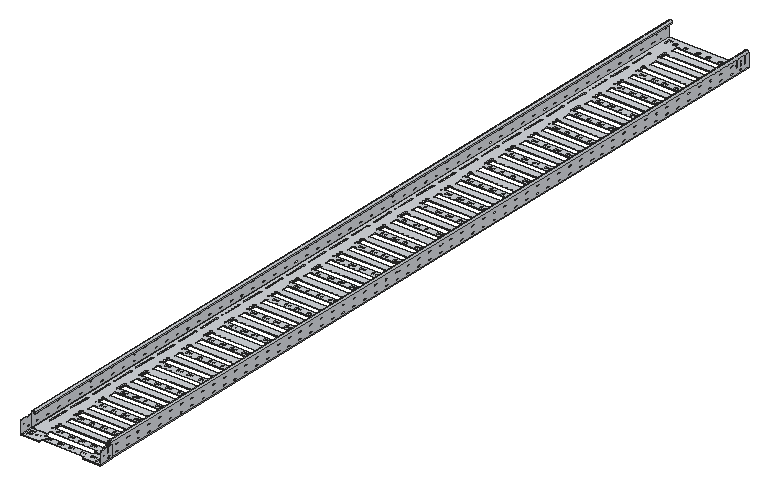
Revit family "MKSM Magic Kabelrinne 1 mm- MKSM 630 FT,FS", category Generic Models, Revit 2017 (continued)
Forms (mm)
  Extrusion 114, void
    sketch origin (0, 2184.196, 0) x (0, 1, 0) y (0, 0, 1)
      loop
        line (19.75, 10.5) -> (32.75, 10.5)
        arc (32.75, 10.5) -> (36.25, 14) -> (32.75, 17.5) r 3.5
        line (32.75, 17.5) -> (19.75, 17.5)
    from 149 to 150
  Extrusion 115, void
    sketch origin (0, 2234.992, 0) x (0, 1, 0) y (0, 0, 1)
      loop
        arc (19.75, 17.5) -> (16.25, 14) -> (19.75, 10.5) r 3.5
        line (19.75, 10.5) -> (32.75, 10.5)
        arc (32.75, 10.5) -> (36.25, 14) -> (32.75, 17.5) r 3.5
        line (32.75, 17.5) -> (19.75, 17.5)
    from 149 to 150
  Extrusion 116, void
    sketch origin (0, 2285.788, 0) x (0, 1, 0) y (0, 0, 1)
      loop
        arc (19.75, 17.5) -> (16.25, 14) -> (19.75, 10.5) r 3.5
        line (19.75, 10.5) -> (32.75, 10.5)
        arc (32.75, 10.5) -> (36.25, 14) -> (32.75, 17.5) r 3.5
        line (32.75, 17.5) -> (19.75, 17.5)
    from 149 to 150
  Extrusion 117, void
    sketch origin (0, 2336.585, 0) x (0, 1, 0) y (0, 0, 1)
      loop
        arc (19.75, 17.5) -> (16.25, 14) -> (19.75, 10.5) r 3.5
        line (19.75, 10.5) -> (32.75, 10.5)
        arc (32.75, 10.5) -> (36.25, 14) -> (32.75, 17.5) r 3.5
        line (32.75, 17.5) -> (19.75, 17.5)
    from 149 to 150
  Extrusion 118, void
    sketch origin (0, 2387.381, 0) x (0, 1, 0) y (0, 0, 1)
      loop
        arc (19.75, 17.5) -> (16.25, 14) -> (19.75, 10.5) r 3.5
        line (19.75, 10.5) -> (32.75, 10.5)
        arc (32.75, 10.5) -> (36.25, 14) -> (32.75, 17.5) r 3.5
        line (32.75, 17.5) -> (19.75, 17.5)
    from 149 to 150
  Extrusion 119, void
    sketch origin (0, 2438.177, 0) x (0, 1, 0) y (0, 0, 1)
      loop
        arc (19.75, 17.5) -> (16.25, 14) -> (19.75, 10.5) r 3.5
        line (19.75, 10.5) -> (32.75, 10.5)
        arc (32.75, 10.5) -> (36.25, 14) -> (32.75, 17.5) r 3.5
        line (32.75, 17.5) -> (19.75, 17.5)
    from 149 to 150
  Extrusion 120, void
    sketch origin (0, 2488.973, 0) x (0, 1, 0) y (0, 0, 1)
      loop
        arc (19.75, 17.5) -> (16.25, 14) -> (19.75, 10.5) r 3.5
        line (19.75, 10.5) -> (32.75, 10.5)
        arc (32.75, 10.5) -> (36.25, 14) -> (32.75, 17.5) r 3.5
        line (32.75, 17.5) -> (19.75, 17.5)
    from 149 to 150
  Extrusion 121, void
    sketch origin (0, 2539.769, 0) x (0, 1, 0) y (0, 0, 1)
      loop
        arc (19.75, 17.5) -> (16.25, 14) -> (19.75, 10.5) r 3.5
        line (19.75, 10.5) -> (32.75, 10.5)
        arc (32.75, 10.5) -> (36.25, 14) -> (32.75, 17.5) r 3.5
        line (32.75, 17.5) -> (19.75, 17.5)
    from 149 to 150
  Extrusion 122, void
    sketch origin (0, 2590.565, 0) x (0, 1, 0) y (0, 0, 1)
      loop
        arc (19.75, 17.5) -> (16.25, 14) -> (19.75, 10.5) r 3.5
        line (19.75, 10.5) -> (32.75, 10.5)
        arc (32.75, 10.5) -> (36.25, 14) -> (32.75, 17.5) r 3.5
        line (32.75, 17.5) -> (19.75, 17.5)
    from 149 to 150
  Extrusion 123, void
    sketch origin (0, 2641.361, 0) x (0, 1, 0) y (0, 0, 1)
      loop
        arc (19.75, 17.5) -> (16.25, 14) -> (19.75, 10.5) r 3.5
        line (19.75, 10.5) -> (32.75, 10.5)
        arc (32.75, 10.5) -> (36.25, 14) -> (32.75, 17.5) r 3.5
        line (32.75, 17.5) -> (19.75, 17.5)
    from 149 to 150
  Extrusion 124, void
    sketch origin (0, 2692.158, 0) x (0, 1, 0) y (0, 0, 1)
      loop
        arc (19.75, 17.5) -> (16.25, 14) -> (19.75, 10.5) r 3.5
        line (19.75, 10.5) -> (32.75, 10.5)
        arc (32.75, 10.5) -> (36.25, 14) -> (32.75, 17.5) r 3.5
        line (32.75, 17.5) -> (19.75, 17.5)
    from 149 to 150
  Extrusion 125, void
    sketch origin (0, 2742.954, 0) x (0, 1, 0) y (0, 0, 1)
      loop
        arc (19.75, 17.5) -> (16.25, 14) -> (19.75, 10.5) r 3.5
        line (19.75, 10.5) -> (32.75, 10.5)
        arc (32.75, 10.5) -> (36.25, 14) -> (32.75, 17.5) r 3.5
        line (32.75, 17.5) -> (19.75, 17.5)
    from 149 to 150
  Extrusion 126, void
    sketch origin (0, 2793.75, 0) x (0, 1, 0) y (0, 0, 1)
      loop
        arc (19.75, 17.5) -> (16.25, 14) -> (19.75, 10.5) r 3.5
        line (19.75, 10.5) -> (32.75, 10.5)
        arc (32.75, 10.5) -> (36.25, 14) -> (32.75, 17.5) r 3.5
        line (32.75, 17.5) -> (19.75, 17.5)
    from 149 to 150
  Extrusion 127, void
    sketch origin (0, 2844.546, 0) x (0, 1, 0) y (0, 0, 1)
      loop
        arc (19.75, 17.5) -> (16.25, 14) -> (19.75, 10.5) r 3.5
        line (19.75, 10.5) -> (32.75, 10.5)
        arc (32.75, 10.5) -> (36.25, 14) -> (32.75, 17.5) r 3.5
        line (32.75, 17.5) -> (19.75, 17.5)
    from 149 to 150
  Extrusion 128, void
    sketch origin (0, 2895.342, 0) x (0, 1, 0) y (0, 0, 1)
      loop
        arc (19.75, 17.5) -> (16.25, 14) -> (19.75, 10.5) r 3.5
        line (19.75, 10.5) -> (32.75, 10.5)
        arc (32.75, 10.5) -> (36.25, 14) -> (32.75, 17.5) r 3.5
        line (32.75, 17.5) -> (19.75, 17.5)
    from 149 to 150
  Extrusion 129, void
    sketch origin (0, 0, 0) x (0, 1, 0) y (0, 0, 1)
      loop
        arc (19.75, 42.5) -> (16.25, 39) -> (19.75, 35.5) r 3.5
        line (19.75, 35.5) -> (32.75, 35.5)
        arc (32.75, 35.5) -> (36.25, 39) -> (32.75, 42.5) r 3.5
        line (32.75, 42.5) -> (19.75, 42.5)
    from 149 to 150
  Extrusion 130, void
    sketch origin (0, 50.808, 0) x (0, 1, 0) y (0, 0, 1)
      loop
        arc (19.75, 42.5) -> (16.25, 39) -> (19.75, 35.5) r 3.5
        line (19.75, 35.5) -> (32.75, 35.5)
        arc (32.75, 35.5) -> (36.25, 39) -> (32.75, 42.5) r 3.5
        line (32.75, 42.5) -> (19.75, 42.5)
    from 149 to 150
  Extrusion 131, void
    sketch origin (0, 101.614, 0) x (0, 1, 0) y (0, 0, 1)
      loop
        arc (19.75, 42.5) -> (16.25, 39) -> (19.75, 35.5) r 3.5
        line (19.75, 35.5) -> (32.75, 35.5)
        arc (32.75, 35.5) -> (36.25, 39) -> (32.75, 42.5) r 3.5
        line (32.75, 42.5) -> (19.75, 42.5)
    from 149 to 150
  Extrusion 132, void
    sketch origin (0, 152.42, 0) x (0, 1, 0) y (0, 0, 1)
      loop
        arc (19.75, 42.5) -> (16.25, 39) -> (19.75, 35.5) r 3.5
        line (19.75, 35.5) -> (32.75, 35.5)
        arc (32.75, 35.5) -> (36.25, 39) -> (32.75, 42.5) r 3.5
        line (32.75, 42.5) -> (19.75, 42.5)
    from 149 to 150
  Extrusion 133, void
    sketch origin (0, 203.226, 0) x (0, 1, 0) y (0, 0, 1)
      loop
        arc (19.75, 42.5) -> (16.25, 39) -> (19.75, 35.5) r 3.5
        line (19.75, 35.5) -> (32.75, 35.5)
        arc (32.75, 35.5) -> (36.25, 39) -> (32.75, 42.5) r 3.5
        line (32.75, 42.5) -> (19.75, 42.5)
    from 149 to 150
  Extrusion 134, void
    sketch origin (0, 254.032, 0) x (0, 1, 0) y (0, 0, 1)
      loop
        arc (19.75, 42.5) -> (16.25, 39) -> (19.75, 35.5) r 3.5
        line (19.75, 35.5) -> (32.75, 35.5)
        arc (32.75, 35.5) -> (36.25, 39) -> (32.75, 42.5) r 3.5
        line (32.75, 42.5) -> (19.75, 42.5)
    from 149 to 150
  Extrusion 135, void
    sketch origin (0, 304.838, 0) x (0, 1, 0) y (0, 0, 1)
      loop
        arc (19.75, 42.5) -> (16.25, 39) -> (19.75, 35.5) r 3.5
        line (19.75, 35.5) -> (32.75, 35.5)
        arc (32.75, 35.5) -> (36.25, 39) -> (32.75, 42.5) r 3.5
        line (32.75, 42.5) -> (19.75, 42.5)
    from 149 to 150
  Extrusion 136, void
    sketch origin (0, 355.644, 0) x (0, 1, 0) y (0, 0, 1)
      loop
        arc (19.75, 42.5) -> (16.25, 39) -> (19.75, 35.5) r 3.5
        line (19.75, 35.5) -> (32.75, 35.5)
        arc (32.75, 35.5) -> (36.25, 39) -> (32.75, 42.5) r 3.5
        line (32.75, 42.5) -> (19.75, 42.5)
    from 149 to 150
  Extrusion 137, void
    sketch origin (0, 406.45, 0) x (0, 1, 0) y (0, 0, 1)
      loop
        arc (19.75, 42.5) -> (16.25, 39) -> (19.75, 35.5) r 3.5
        line (19.75, 35.5) -> (32.75, 35.5)
        arc (32.75, 35.5) -> (36.25, 39) -> (32.75, 42.5) r 3.5
        line (32.75, 42.5) -> (19.75, 42.5)
    from 149 to 150
  Extrusion 138, void
    sketch origin (0, 457.256, 0) x (0, 1, 0) y (0, 0, 1)
      loop
        arc (19.75, 42.5) -> (16.25, 39) -> (19.75, 35.5) r 3.5
        line (19.75, 35.5) -> (32.75, 35.5)
        arc (32.75, 35.5) -> (36.25, 39) -> (32.75, 42.5) r 3.5
        line (32.75, 42.5) -> (19.75, 42.5)
    from 149 to 150
  Extrusion 139, void
    sketch origin (0, 508.062, 0) x (0, 1, 0) y (0, 0, 1)
      loop
        arc (19.75, 42.5) -> (16.25, 39) -> (19.75, 35.5) r 3.5
        line (19.75, 35.5) -> (32.75, 35.5)
        arc (32.75, 35.5) -> (36.25, 39) -> (32.75, 42.5) r 3.5
        line (32.75, 42.5) -> (19.75, 42.5)
    from 149 to 150
  Extrusion 140, void
    sketch origin (0, 558.868, 0) x (0, 1, 0) y (0, 0, 1)
      loop
        arc (19.75, 42.5) -> (16.25, 39) -> (19.75, 35.5) r 3.5
        line (19.75, 35.5) -> (32.75, 35.5)
        arc (32.75, 35.5) -> (36.25, 39) -> (32.75, 42.5) r 3.5
        line (32.75, 42.5) -> (19.75, 42.5)
    from 149 to 150
  Extrusion 141, void
    sketch origin (0, 609.674, 0) x (0, 1, 0) y (0, 0, 1)
      loop
        arc (19.75, 42.5) -> (16.25, 39) -> (19.75, 35.5) r 3.5
        line (19.75, 35.5) -> (32.75, 35.5)
        arc (32.75, 35.5) -> (36.25, 39) -> (32.75, 42.5) r 3.5
        line (32.75, 42.5) -> (19.75, 42.5)
    from 149 to 150
  Extrusion 142, void
    sketch origin (0, 660.48, 0) x (0, 1, 0) y (0, 0, 1)
      loop
        arc (19.75, 42.5) -> (16.25, 39) -> (19.75, 35.5) r 3.5
        line (19.75, 35.5) -> (32.75, 35.5)
        arc (32.75, 35.5) -> (36.25, 39) -> (32.75, 42.5) r 3.5
        line (32.75, 42.5) -> (19.75, 42.5)
    from 149 to 150
  Extrusion 143, void
    sketch origin (0, 711.286, 0) x (0, 1, 0) y (0, 0, 1)
      loop
        arc (19.75, 42.5) -> (16.25, 39) -> (19.75, 35.5) r 3.5
        line (19.75, 35.5) -> (32.75, 35.5)
        arc (32.75, 35.5) -> (36.25, 39) -> (32.75, 42.5) r 3.5
        line (32.75, 42.5) -> (19.75, 42.5)
    from 149 to 150
  Extrusion 144, void
    sketch origin (0, 762.092, 0) x (0, 1, 0) y (0, 0, 1)
      loop
        arc (19.75, 42.5) -> (16.25, 39) -> (19.75, 35.5) r 3.5
        line (19.75, 35.5) -> (32.75, 35.5)
        arc (32.75, 35.5) -> (36.25, 39) -> (32.75, 42.5) r 3.5
        line (32.75, 42.5) -> (19.75, 42.5)
    from 149 to 150
  Extrusion 145, void
    sketch origin (0, 812.898, 0) x (0, 1, 0) y (0, 0, 1)
      loop
        arc (19.75, 42.5) -> (16.25, 39) -> (19.75, 35.5) r 3.5
        line (19.75, 35.5) -> (32.75, 35.5)
        arc (32.75, 35.5) -> (36.25, 39) -> (32.75, 42.5) r 3.5
        line (32.75, 42.5) -> (19.75, 42.5)
    from 149 to 150
  Extrusion 146, void
    sketch origin (0, 863.704, 0) x (0, 1, 0) y (0, 0, 1)
      loop
        arc (19.75, 42.5) -> (16.25, 39) -> (19.75, 35.5) r 3.5
        line (19.75, 35.5) -> (32.75, 35.5)
        arc (32.75, 35.5) -> (36.25, 39) -> (32.75, 42.5) r 3.5
        line (32.75, 42.5) -> (19.75, 42.5)
    from 149 to 150
  Extrusion 147, void
    sketch origin (0, 914.51, 0) x (0, 1, 0) y (0, 0, 1)
      loop
        arc (19.75, 42.5) -> (16.25, 39) -> (19.75, 35.5) r 3.5
        line (19.75, 35.5) -> (32.75, 35.5)
        arc (32.75, 35.5) -> (36.25, 39) -> (32.75, 42.5) r 3.5
        line (32.75, 42.5) -> (19.75, 42.5)
    from 149 to 150
  Extrusion 148, void
    sketch origin (0, 965.316, 0) x (0, 1, 0) y (0, 0, 1)
      loop
        arc (19.75, 42.5) -> (16.25, 39) -> (19.75, 35.5) r 3.5
        line (19.75, 35.5) -> (32.75, 35.5)
        arc (32.75, 35.5) -> (36.25, 39) -> (32.75, 42.5) r 3.5
        line (32.75, 42.5) -> (19.75, 42.5)
    from 149 to 150
  Extrusion 149, void
    sketch origin (0, 1016.122, 0) x (0, 1, 0) y (0, 0, 1)
      loop
        arc (19.75, 42.5) -> (16.25, 39) -> (19.75, 35.5) r 3.5
        line (19.75, 35.5) -> (32.75, 35.5)
        arc (32.75, 35.5) -> (36.25, 39) -> (32.75, 42.5) r 3.5
        line (32.75, 42.5) -> (19.75, 42.5)
    from 149 to 150
  Extrusion 150, void
    sketch origin (0, 1066.928, 0) x (0, 1, 0) y (0, 0, 1)
      loop
        arc (19.75, 42.5) -> (16.25, 39) -> (19.75, 35.5) r 3.5
        line (19.75, 35.5) -> (32.75, 35.5)
        arc (32.75, 35.5) -> (36.25, 39) -> (32.75, 42.5) r 3.5
        line (32.75, 42.5) -> (19.75, 42.5)
    from 149 to 150
  Extrusion 151, void
    sketch origin (0, 1117.734, 0) x (0, 1, 0) y (0, 0, 1)
      loop
        arc (19.75, 42.5) -> (16.25, 39) -> (19.75, 35.5) r 3.5
        line (19.75, 35.5) -> (32.75, 35.5)
        arc (32.75, 35.5) -> (36.25, 39) -> (32.75, 42.5) r 3.5
        line (32.75, 42.5) -> (19.75, 42.5)
    from 149 to 150
  Extrusion 152, void
    sketch origin (0, 1168.54, 0) x (0, 1, 0) y (0, 0, 1)
      loop
        arc (19.75, 42.5) -> (16.25, 39) -> (19.75, 35.5) r 3.5
        line (19.75, 35.5) -> (32.75, 35.5)
        arc (32.75, 35.5) -> (36.25, 39) -> (32.75, 42.5) r 3.5
        line (32.75, 42.5) -> (19.75, 42.5)
    from 149 to 150
  Extrusion 153, void
    sketch origin (0, 1219.346, 0) x (0, 1, 0) y (0, 0, 1)
      loop
        arc (19.75, 42.5) -> (16.25, 39) -> (19.75, 35.5) r 3.5
        line (19.75, 35.5) -> (32.75, 35.5)
        arc (32.75, 35.5) -> (36.25, 39) -> (32.75, 42.5) r 3.5
        line (32.75, 42.5) -> (19.75, 42.5)
    from 149 to 150
  Extrusion 154, void
    sketch origin (0, 1270.152, 0) x (0, 1, 0) y (0, 0, 1)
      loop
        arc (19.75, 42.5) -> (16.25, 39) -> (19.75, 35.5) r 3.5
        line (19.75, 35.5) -> (32.75, 35.5)
        arc (32.75, 35.5) -> (36.25, 39) -> (32.75, 42.5) r 3.5
        line (32.75, 42.5) -> (19.75, 42.5)
    from 149 to 150
  Extrusion 155, void
    sketch origin (0, 1320.958, 0) x (0, 1, 0) y (0, 0, 1)
      loop
        arc (19.75, 42.5) -> (16.25, 39) -> (19.75, 35.5) r 3.5
        line (19.75, 35.5) -> (32.75, 35.5)
        arc (32.75, 35.5) -> (36.25, 39) -> (32.75, 42.5) r 3.5
        line (32.75, 42.5) -> (19.75, 42.5)
    from 149 to 150
  Extrusion 156, void
    sketch origin (0, 1371.764, 0) x (0, 1, 0) y (0, 0, 1)
      loop
        arc (19.75, 42.5) -> (16.25, 39) -> (19.75, 35.5) r 3.5
        line (19.75, 35.5) -> (32.75, 35.5)
        arc (32.75, 35.5) -> (36.25, 39) -> (32.75, 42.5) r 3.5
        line (32.75, 42.5) -> (19.75, 42.5)
    from 149 to 150
  Extrusion 157, void
    sketch origin (0, 1422.57, 0) x (0, 1, 0) y (0, 0, 1)
      loop
        arc (19.75, 42.5) -> (16.25, 39) -> (19.75, 35.5) r 3.5
        line (19.75, 35.5) -> (32.75, 35.5)
        arc (32.75, 35.5) -> (36.25, 39) -> (32.75, 42.5) r 3.5
        line (32.75, 42.5) -> (19.75, 42.5)
    from 149 to 150
  Extrusion 158, void
    sketch origin (0, 1473.376, 0) x (0, 1, 0) y (0, 0, 1)
      loop
        arc (19.75, 42.5) -> (16.25, 39) -> (19.75, 35.5) r 3.5
        line (19.75, 35.5) -> (32.75, 35.5)
        arc (32.75, 35.5) -> (36.25, 39) -> (32.75, 42.5) r 3.5
        line (32.75, 42.5) -> (19.75, 42.5)
    from 149 to 150
  Extrusion 159, void
    sketch origin (0, 1524.182, 0) x (0, 1, 0) y (0, 0, 1)
      loop
        arc (19.75, 42.5) -> (16.25, 39) -> (19.75, 35.5) r 3.5
        line (19.75, 35.5) -> (32.75, 35.5)
        arc (32.75, 35.5) -> (36.25, 39) -> (32.75, 42.5) r 3.5
        line (32.75, 42.5) -> (19.75, 42.5)
    from 149 to 150
  Extrusion 160, void
    sketch origin (0, 1574.988, 0) x (0, 1, 0) y (0, 0, 1)
      loop
        arc (19.75, 42.5) -> (16.25, 39) -> (19.75, 35.5) r 3.5
        line (19.75, 35.5) -> (32.75, 35.5)
        arc (32.75, 35.5) -> (36.25, 39) -> (32.75, 42.5) r 3.5
        line (32.75, 42.5) -> (19.75, 42.5)
    from 149 to 150
  Extrusion 161, void
    sketch origin (0, 1625.794, 0) x (0, 1, 0) y (0, 0, 1)
      loop
        arc (19.75, 42.5) -> (16.25, 39) -> (19.75, 35.5) r 3.5
        line (19.75, 35.5) -> (32.75, 35.5)
        arc (32.75, 35.5) -> (36.25, 39) -> (32.75, 42.5) r 3.5
        line (32.75, 42.5) -> (19.75, 42.5)
    from 149 to 150
  Extrusion 162, void
    sketch origin (0, 1676.6, 0) x (0, 1, 0) y (0, 0, 1)
      loop
        arc (19.75, 42.5) -> (16.25, 39) -> (19.75, 35.5) r 3.5
        line (19.75, 35.5) -> (32.75, 35.5)
        arc (32.75, 35.5) -> (36.25, 39) -> (32.75, 42.5) r 3.5
        line (32.75, 42.5) -> (19.75, 42.5)
    from 149 to 150
  Extrusion 163, void
    sketch origin (0, 1727.406, 0) x (0, 1, 0) y (0, 0, 1)
      loop
        arc (19.75, 42.5) -> (16.25, 39) -> (19.75, 35.5) r 3.5
        line (19.75, 35.5) -> (32.75, 35.5)
        arc (32.75, 35.5) -> (36.25, 39) -> (32.75, 42.5) r 3.5
        line (32.75, 42.5) -> (19.75, 42.5)
    from 149 to 150
  Extrusion 164, void
    sketch origin (0, 1778.212, 0) x (0, 1, 0) y (0, 0, 1)
      loop
        arc (19.75, 42.5) -> (16.25, 39) -> (19.75, 35.5) r 3.5
        line (19.75, 35.5) -> (32.75, 35.5)
        arc (32.75, 35.5) -> (36.25, 39) -> (32.75, 42.5) r 3.5
        line (32.75, 42.5) -> (19.75, 42.5)
    from 149 to 150
  Extrusion 165, void
    sketch origin (0, 1829.018, 0) x (0, 1, 0) y (0, 0, 1)
      loop
        arc (19.75, 42.5) -> (16.25, 39) -> (19.75, 35.5) r 3.5
        line (19.75, 35.5) -> (32.75, 35.5)
        arc (32.75, 35.5) -> (36.25, 39) -> (32.75, 42.5) r 3.5
        line (32.75, 42.5) -> (19.75, 42.5)
    from 149 to 150
  Extrusion 166, void
    sketch origin (0, 1879.824, 0) x (0, 1, 0) y (0, 0, 1)
      loop
        arc (19.75, 42.5) -> (16.25, 39) -> (19.75, 35.5) r 3.5
        line (19.75, 35.5) -> (32.75, 35.5)
        arc (32.75, 35.5) -> (36.25, 39) -> (32.75, 42.5) r 3.5
        line (32.75, 42.5) -> (19.75, 42.5)
    from 149 to 150
  Extrusion 167, void
    sketch origin (0, 1930.63, 0) x (0, 1, 0) y (0, 0, 1)
      loop
        arc (19.75, 42.5) -> (16.25, 39) -> (19.75, 35.5) r 3.5
        line (19.75, 35.5) -> (32.75, 35.5)
        arc (32.75, 35.5) -> (36.25, 39) -> (32.75, 42.5) r 3.5
        line (32.75, 42.5) -> (19.75, 42.5)
    from 149 to 150
  Extrusion 168, void
    sketch origin (0, 1981.436, 0) x (0, 1, 0) y (0, 0, 1)
      loop
        arc (19.75, 42.5) -> (16.25, 39) -> (19.75, 35.5) r 3.5
        line (19.75, 35.5) -> (32.75, 35.5)
        arc (32.75, 35.5) -> (36.25, 39) -> (32.75, 42.5) r 3.5
        line (32.75, 42.5) -> (19.75, 42.5)
    from 149 to 150
  Extrusion 169, void
    sketch origin (0, 2032.242, 0) x (0, 1, 0) y (0, 0, 1)
      loop
        arc (19.75, 42.5) -> (16.25, 39) -> (19.75, 35.5) r 3.5
        line (19.75, 35.5) -> (32.75, 35.5)
        arc (32.75, 35.5) -> (36.25, 39) -> (32.75, 42.5) r 3.5
        line (32.75, 42.5) -> (19.75, 42.5)
    from 149 to 150
  Extrusion 170, void
    sketch origin (0, 2083.048, 0) x (0, 1, 0) y (0, 0, 1)
      loop
        arc (19.75, 42.5) -> (16.25, 39) -> (19.75, 35.5) r 3.5
        line (19.75, 35.5) -> (32.75, 35.5)
        arc (32.75, 35.5) -> (36.25, 39) -> (32.75, 42.5) r 3.5
        line (32.75, 42.5) -> (19.75, 42.5)
    from 149 to 150
  Extrusion 171, void
    sketch origin (0, 2133.854, 0) x (0, 1, 0) y (0, 0, 1)
      loop
        arc (19.75, 42.5) -> (16.25, 39) -> (19.75, 35.5) r 3.5
        line (19.75, 35.5) -> (32.75, 35.5)
        arc (32.75, 35.5) -> (36.25, 39) -> (32.75, 42.5) r 3.5
        line (32.75, 42.5) -> (19.75, 42.5)
    from 149 to 150
  Extrusion 172, void
    sketch origin (0, 2184.66, 0) x (0, 1, 0) y (0, 0, 1)
      loop
        arc (19.75, 42.5) -> (16.25, 39) -> (19.75, 35.5) r 3.5
        line (19.75, 35.5) -> (32.75, 35.5)
        arc (32.75, 35.5) -> (36.25, 39) -> (32.75, 42.5) r 3.5
        line (32.75, 42.5) -> (19.75, 42.5)
    from 149 to 150
  Extrusion 173, void
    sketch origin (0, 2235.466, 0) x (0, 1, 0) y (0, 0, 1)
      loop
        arc (19.75, 42.5) -> (16.25, 39) -> (19.75, 35.5) r 3.5
        line (19.75, 35.5) -> (32.75, 35.5)
        arc (32.75, 35.5) -> (36.25, 39) -> (32.75, 42.5) r 3.5
        line (32.75, 42.5) -> (19.75, 42.5)
    from 149 to 150
  Extrusion 174, void
    sketch origin (0, 2286.272, 0) x (0, 1, 0) y (0, 0, 1)
      loop
        arc (19.75, 42.5) -> (16.25, 39) -> (19.75, 35.5) r 3.5
        line (19.75, 35.5) -> (32.75, 35.5)
        arc (32.75, 35.5) -> (36.25, 39) -> (32.75, 42.5) r 3.5
        line (32.75, 42.5) -> (19.75, 42.5)
    from 149 to 150
  Extrusion 175, void
    sketch origin (0, 2337.078, 0) x (0, 1, 0) y (0, 0, 1)
      loop
        arc (19.75, 42.5) -> (16.25, 39) -> (19.75, 35.5) r 3.5
        line (19.75, 35.5) -> (32.75, 35.5)
        arc (32.75, 35.5) -> (36.25, 39) -> (32.75, 42.5) r 3.5
        line (32.75, 42.5) -> (19.75, 42.5)
    from 149 to 150
  Extrusion 176, void
    sketch origin (0, 2387.884, 0) x (0, 1, 0) y (0, 0, 1)
      loop
        arc (19.75, 42.5) -> (16.25, 39) -> (19.75, 35.5) r 3.5
        line (19.75, 35.5) -> (32.75, 35.5)
        arc (32.75, 35.5) -> (36.25, 39) -> (32.75, 42.5) r 3.5
        line (32.75, 42.5) -> (19.75, 42.5)
    from 149 to 150
  Extrusion 177, void
    sketch origin (0, 2438.69, 0) x (0, 1, 0) y (0, 0, 1)
      loop
        arc (19.75, 42.5) -> (16.25, 39) -> (19.75, 35.5) r 3.5
        line (19.75, 35.5) -> (32.75, 35.5)
        arc (32.75, 35.5) -> (36.25, 39) -> (32.75, 42.5) r 3.5
        line (32.75, 42.5) -> (19.75, 42.5)
    from 149 to 150
  Extrusion 178, void
    sketch origin (0, 2489.496, 0) x (0, 1, 0) y (0, 0, 1)
      loop
        arc (19.75, 42.5) -> (16.25, 39) -> (19.75, 35.5) r 3.5
        line (19.75, 35.5) -> (32.75, 35.5)
        arc (32.75, 35.5) -> (36.25, 39) -> (32.75, 42.5) r 3.5
        line (32.75, 42.5) -> (19.75, 42.5)
    from 149 to 150
  Extrusion 179, void
    sketch origin (0, 2540.301, 0) x (0, 1, 0) y (0, 0, 1)
      loop
        arc (19.75, 42.5) -> (16.25, 39) -> (19.75, 35.5) r 3.5
        line (19.75, 35.5) -> (32.75, 35.5)
        arc (32.75, 35.5) -> (36.25, 39) -> (32.75, 42.5) r 3.5
        line (32.75, 42.5) -> (19.75, 42.5)
    from 149 to 150
  Extrusion 180, void
    sketch origin (0, 2591.107, 0) x (0, 1, 0) y (0, 0, 1)
      loop
        arc (19.75, 42.5) -> (16.25, 39) -> (19.75, 35.5) r 3.5
        line (19.75, 35.5) -> (32.75, 35.5)
        arc (32.75, 35.5) -> (36.25, 39) -> (32.75, 42.5) r 3.5
        line (32.75, 42.5) -> (19.75, 42.5)
    from 149 to 150
  Extrusion 181, void
    sketch origin (0, 2641.913, 0) x (0, 1, 0) y (0, 0, 1)
      loop
        arc (19.75, 42.5) -> (16.25, 39) -> (19.75, 35.5) r 3.5
        line (19.75, 35.5) -> (32.75, 35.5)
        arc (32.75, 35.5) -> (36.25, 39) -> (32.75, 42.5) r 3.5
        line (32.75, 42.5) -> (19.75, 42.5)
    from 149 to 150
  Extrusion 182, void
    sketch origin (0, 2692.719, 0) x (0, 1, 0) y (0, 0, 1)
      loop
        arc (19.75, 42.5) -> (16.25, 39) -> (19.75, 35.5) r 3.5
        line (19.75, 35.5) -> (32.75, 35.5)
        arc (32.75, 35.5) -> (36.25, 39) -> (32.75, 42.5) r 3.5
        line (32.75, 42.5) -> (19.75, 42.5)
    from 149 to 150
  Extrusion 183, void
    sketch origin (0, 2743.525, 0) x (0, 1, 0) y (0, 0, 1)
      loop
        arc (19.75, 42.5) -> (16.25, 39) -> (19.75, 35.5) r 3.5
        line (19.75, 35.5) -> (32.75, 35.5)
        arc (32.75, 35.5) -> (36.25, 39) -> (32.75, 42.5) r 3.5
        line (32.75, 42.5) -> (19.75, 42.5)
    from 149 to 150
  Extrusion 184, void
    sketch origin (0, 2794.331, 0) x (0, 1, 0) y (0, 0, 1)
      loop
        arc (19.75, 42.5) -> (16.25, 39) -> (19.75, 35.5) r 3.5
        line (19.75, 35.5) -> (32.75, 35.5)
        arc (32.75, 35.5) -> (36.25, 39) -> (32.75, 42.5) r 3.5
        line (32.75, 42.5) -> (19.75, 42.5)
    from 149 to 150
  Extrusion 185, void
    sketch origin (0, 2845.137, 0) x (0, 1, 0) y (0, 0, 1)
      loop
        arc (19.75, 42.5) -> (16.25, 39) -> (19.75, 35.5) r 3.5
        line (19.75, 35.5) -> (32.75, 35.5)
        arc (32.75, 35.5) -> (36.25, 39) -> (32.75, 42.5) r 3.5
        line (32.75, 42.5) -> (19.75, 42.5)
    from 149 to 150
  Extrusion 186, void
    sketch origin (0, 2895.943, 0) x (0, 1, 0) y (0, 0, 1)
      loop
        arc (19.75, 42.5) -> (16.25, 39) -> (19.75, 35.5) r 3.5
        line (19.75, 35.5) -> (32.75, 35.5)
        arc (32.75, 35.5) -> (36.25, 39) -> (32.75, 42.5) r 3.5
        line (32.75, 42.5) -> (19.75, 42.5)
    from 149 to 150
  Extrusion 187, void
    sketch origin (0, 0, 0) x (0, 1, 0) y (0, 0, 1)
      loop
        line (32.75, 42.5) -> (19.75, 42.5)
        arc (19.75, 42.5) -> (16.25, 39) -> (19.75, 35.5) r 3.5
        line (19.75, 35.5) -> (32.75, 35.5)
        arc (32.75, 35.5) -> (36.25, 39) -> (32.75, 42.5) r 3.5
    from -150 to -149
  Extrusion 188, void
    sketch origin (0, 50.824, 0) x (0, 1, 0) y (0, 0, 1)
      loop
        line (32.75, 42.5) -> (19.75, 42.5)
        arc (19.75, 42.5) -> (16.25, 39) -> (19.75, 35.5) r 3.5
        line (19.75, 35.5) -> (32.75, 35.5)
        arc (32.75, 35.5) -> (36.25, 39) -> (32.75, 42.5) r 3.5
    from -150 to -149
  Extrusion 189, void
    sketch origin (0, 101.624, 0) x (0, 1, 0) y (0, 0, 1)
      loop
        line (32.75, 42.5) -> (19.75, 42.5)
        arc (19.75, 42.5) -> (16.25, 39) -> (19.75, 35.5) r 3.5
        line (19.75, 35.5) -> (32.75, 35.5)
        arc (32.75, 35.5) -> (36.25, 39) -> (32.75, 42.5) r 3.5
    from -150 to -149
  Extrusion 190, void
    sketch origin (0, 152.425, 0) x (0, 1, 0) y (0, 0, 1)
      loop
        line (32.75, 42.5) -> (19.75, 42.5)
        arc (19.75, 42.5) -> (16.25, 39) -> (19.75, 35.5) r 3.5
        line (19.75, 35.5) -> (32.75, 35.5)
        arc (32.75, 35.5) -> (36.25, 39) -> (32.75, 42.5) r 3.5
    from -150 to -149
  Extrusion 191, void
    sketch origin (0, 203.225, 0) x (0, 1, 0) y (0, 0, 1)
      loop
        line (32.75, 42.5) -> (19.75, 42.5)
        arc (19.75, 42.5) -> (16.25, 39) -> (19.75, 35.5) r 3.5
        line (19.75, 35.5) -> (32.75, 35.5)
        arc (32.75, 35.5) -> (36.25, 39) -> (32.75, 42.5) r 3.5
    from -150 to -149
  Extrusion 192, void
    sketch origin (0, 254.026, 0) x (0, 1, 0) y (0, 0, 1)
      loop
        line (32.75, 42.5) -> (19.75, 42.5)
        arc (19.75, 42.5) -> (16.25, 39) -> (19.75, 35.5) r 3.5
        line (19.75, 35.5) -> (32.75, 35.5)
        arc (32.75, 35.5) -> (36.25, 39) -> (32.75, 42.5) r 3.5
    from -150 to -149
  Extrusion 193, void
    sketch origin (0, 304.826, 0) x (0, 1, 0) y (0, 0, 1)
      loop
        line (32.75, 42.5) -> (19.75, 42.5)
        arc (19.75, 42.5) -> (16.25, 39) -> (19.75, 35.5) r 3.5
        line (19.75, 35.5) -> (32.75, 35.5)
        arc (32.75, 35.5) -> (36.25, 39) -> (32.75, 42.5) r 3.5
    from -150 to -149
  Extrusion 194, void
    sketch origin (0, 355.627, 0) x (0, 1, 0) y (0, 0, 1)
      loop
        line (32.75, 42.5) -> (19.75, 42.5)
        arc (19.75, 42.5) -> (16.25, 39) -> (19.75, 35.5) r 3.5
        line (19.75, 35.5) -> (32.75, 35.5)
        arc (32.75, 35.5) -> (36.25, 39) -> (32.75, 42.5) r 3.5
    from -150 to -149
  Extrusion 195, void
    sketch origin (0, 406.427, 0) x (0, 1, 0) y (0, 0, 1)
      loop
        line (32.75, 42.5) -> (19.75, 42.5)
        arc (19.75, 42.5) -> (16.25, 39) -> (19.75, 35.5) r 3.5
        line (19.75, 35.5) -> (32.75, 35.5)
        arc (32.75, 35.5) -> (36.25, 39) -> (32.75, 42.5) r 3.5
    from -150 to -149
  Extrusion 196, void
    sketch origin (0, 457.228, 0) x (0, 1, 0) y (0, 0, 1)
      loop
        line (32.75, 42.5) -> (19.75, 42.5)
        arc (19.75, 42.5) -> (16.25, 39) -> (19.75, 35.5) r 3.5
        line (19.75, 35.5) -> (32.75, 35.5)
        arc (32.75, 35.5) -> (36.25, 39) -> (32.75, 42.5) r 3.5
    from -150 to -149
  Extrusion 197, void
    sketch origin (0, 508.028, 0) x (0, 1, 0) y (0, 0, 1)
      loop
        line (32.75, 42.5) -> (19.75, 42.5)
        arc (19.75, 42.5) -> (16.25, 39) -> (19.75, 35.5) r 3.5
        line (19.75, 35.5) -> (32.75, 35.5)
        arc (32.75, 35.5) -> (36.25, 39) -> (32.75, 42.5) r 3.5
    from -150 to -149
  Extrusion 198, void
    sketch origin (0, 558.828, 0) x (0, 1, 0) y (0, 0, 1)
      loop
        line (32.75, 42.5) -> (19.75, 42.5)
        arc (19.75, 42.5) -> (16.25, 39) -> (19.75, 35.5) r 3.5
        line (19.75, 35.5) -> (32.75, 35.5)
        arc (32.75, 35.5) -> (36.25, 39) -> (32.75, 42.5) r 3.5
    from -150 to -149
  Extrusion 199, void
    sketch origin (0, 609.629, 0) x (0, 1, 0) y (0, 0, 1)
      loop
        line (32.75, 42.5) -> (19.75, 42.5)
        arc (19.75, 42.5) -> (16.25, 39) -> (19.75, 35.5) r 3.5
        line (19.75, 35.5) -> (32.75, 35.5)
        arc (32.75, 35.5) -> (36.25, 39) -> (32.75, 42.5) r 3.5
    from -150 to -149
  Extrusion 200, void
    sketch origin (0, 660.429, 0) x (0, 1, 0) y (0, 0, 1)
      loop
        line (32.75, 42.5) -> (19.75, 42.5)
        arc (19.75, 42.5) -> (16.25, 39) -> (19.75, 35.5) r 3.5
        line (19.75, 35.5) -> (32.75, 35.5)
        arc (32.75, 35.5) -> (36.25, 39) -> (32.75, 42.5) r 3.5
    from -150 to -149
  Extrusion 201, void
    sketch origin (0, 711.23, 0) x (0, 1, 0) y (0, 0, 1)
      loop
        line (32.75, 42.5) -> (19.75, 42.5)
        arc (19.75, 42.5) -> (16.25, 39) -> (19.75, 35.5) r 3.5
        line (19.75, 35.5) -> (32.75, 35.5)
        arc (32.75, 35.5) -> (36.25, 39) -> (32.75, 42.5) r 3.5
    from -150 to -149
  Extrusion 202, void
    sketch origin (0, 762.03, 0) x (0, 1, 0) y (0, 0, 1)
      loop
        line (32.75, 42.5) -> (19.75, 42.5)
        arc (19.75, 42.5) -> (16.25, 39) -> (19.75, 35.5) r 3.5
        line (19.75, 35.5) -> (32.75, 35.5)
        arc (32.75, 35.5) -> (36.25, 39) -> (32.75, 42.5) r 3.5
    from -150 to -149
  Extrusion 203, void
    sketch origin (0, 812.831, 0) x (0, 1, 0) y (0, 0, 1)
      loop
        line (32.75, 42.5) -> (19.75, 42.5)
        arc (19.75, 42.5) -> (16.25, 39) -> (19.75, 35.5) r 3.5
        line (19.75, 35.5) -> (32.75, 35.5)
        arc (32.75, 35.5) -> (36.25, 39) -> (32.75, 42.5) r 3.5
    from -150 to -149
  Extrusion 204, void
    sketch origin (0, 863.631, 0) x (0, 1, 0) y (0, 0, 1)
      loop
        line (32.75, 42.5) -> (19.75, 42.5)
        arc (19.75, 42.5) -> (16.25, 39) -> (19.75, 35.5) r 3.5
        line (19.75, 35.5) -> (32.75, 35.5)
        arc (32.75, 35.5) -> (36.25, 39) -> (32.75, 42.5) r 3.5
    from -150 to -149
  Extrusion 205, void
    sketch origin (0, 914.432, 0) x (0, 1, 0) y (0, 0, 1)
      loop
        line (32.75, 42.5) -> (19.75, 42.5)
        arc (19.75, 42.5) -> (16.25, 39) -> (19.75, 35.5) r 3.5
        line (19.75, 35.5) -> (32.75, 35.5)
        arc (32.75, 35.5) -> (36.25, 39) -> (32.75, 42.5) r 3.5
    from -150 to -149
  Extrusion 206, void
    sketch origin (0, 965.232, 0) x (0, 1, 0) y (0, 0, 1)
      loop
        line (32.75, 42.5) -> (19.75, 42.5)
        arc (19.75, 42.5) -> (16.25, 39) -> (19.75, 35.5) r 3.5
        line (19.75, 35.5) -> (32.75, 35.5)
        arc (32.75, 35.5) -> (36.25, 39) -> (32.75, 42.5) r 3.5
    from -150 to -149
  Extrusion 207, void
    sketch origin (0, 1016.032, 0) x (0, 1, 0) y (0, 0, 1)
      loop
        line (32.75, 42.5) -> (19.75, 42.5)
        arc (19.75, 42.5) -> (16.25, 39) -> (19.75, 35.5) r 3.5
        line (19.75, 35.5) -> (32.75, 35.5)
        arc (32.75, 35.5) -> (36.25, 39) -> (32.75, 42.5) r 3.5
    from -150 to -149
  Extrusion 208, void
    sketch origin (0, 1066.833, 0) x (0, 1, 0) y (0, 0, 1)
      loop
        line (32.75, 42.5) -> (19.75, 42.5)
        arc (19.75, 42.5) -> (16.25, 39) -> (19.75, 35.5) r 3.5
        line (19.75, 35.5) -> (32.75, 35.5)
        arc (32.75, 35.5) -> (36.25, 39) -> (32.75, 42.5) r 3.5
    from -150 to -149
  Extrusion 209, void
    sketch origin (0, 1117.633, 0) x (0, 1, 0) y (0, 0, 1)
      loop
        line (32.75, 42.5) -> (19.75, 42.5)
        arc (19.75, 42.5) -> (16.25, 39) -> (19.75, 35.5) r 3.5
        line (19.75, 35.5) -> (32.75, 35.5)
        arc (32.75, 35.5) -> (36.25, 39) -> (32.75, 42.5) r 3.5
    from -150 to -149
  Extrusion 210, void
    sketch origin (0, 1168.434, 0) x (0, 1, 0) y (0, 0, 1)
      loop
        line (32.75, 42.5) -> (19.75, 42.5)
        arc (19.75, 42.5) -> (16.25, 39) -> (19.75, 35.5) r 3.5
        line (19.75, 35.5) -> (32.75, 35.5)
        arc (32.75, 35.5) -> (36.25, 39) -> (32.75, 42.5) r 3.5
    from -150 to -149
  Extrusion 211, void
    sketch origin (0, 1219.234, 0) x (0, 1, 0) y (0, 0, 1)
      loop
        line (32.75, 42.5) -> (19.75, 42.5)
        arc (19.75, 42.5) -> (16.25, 39) -> (19.75, 35.5) r 3.5
        line (19.75, 35.5) -> (32.75, 35.5)
        arc (32.75, 35.5) -> (36.25, 39) -> (32.75, 42.5) r 3.5
    from -150 to -149
  Extrusion 212, void
    sketch origin (0, 1270.035, 0) x (0, 1, 0) y (0, 0, 1)
      loop
        line (32.75, 42.5) -> (19.75, 42.5)
        arc (19.75, 42.5) -> (16.25, 39) -> (19.75, 35.5) r 3.5
        line (19.75, 35.5) -> (32.75, 35.5)
        arc (32.75, 35.5) -> (36.25, 39) -> (32.75, 42.5) r 3.5
    from -150 to -149
  Extrusion 213, void
    sketch origin (0, 1320.835, 0) x (0, 1, 0) y (0, 0, 1)
      loop
        line (32.75, 42.5) -> (19.75, 42.5)
        arc (19.75, 42.5) -> (16.25, 39) -> (19.75, 35.5) r 3.5
        line (19.75, 35.5) -> (32.75, 35.5)
        arc (32.75, 35.5) -> (36.25, 39) -> (32.75, 42.5) r 3.5
    from -150 to -149
  Extrusion 214, void
    sketch origin (0, 1371.636, 0) x (0, 1, 0) y (0, 0, 1)
      loop
        line (32.75, 42.5) -> (19.75, 42.5)
        arc (19.75, 42.5) -> (16.25, 39) -> (19.75, 35.5) r 3.5
        line (19.75, 35.5) -> (32.75, 35.5)
        arc (32.75, 35.5) -> (36.25, 39) -> (32.75, 42.5) r 3.5
    from -150 to -149
  Extrusion 215, void
    sketch origin (0, 1422.436, 0) x (0, 1, 0) y (0, 0, 1)
      loop
        line (32.75, 42.5) -> (19.75, 42.5)
        arc (19.75, 42.5) -> (16.25, 39) -> (19.75, 35.5) r 3.5
        line (19.75, 35.5) -> (32.75, 35.5)
        arc (32.75, 35.5) -> (36.25, 39) -> (32.75, 42.5) r 3.5
    from -150 to -149
  Extrusion 216, void
    sketch origin (0, 1473.237, 0) x (0, 1, 0) y (0, 0, 1)
      loop
        line (32.75, 42.5) -> (19.75, 42.5)
        arc (19.75, 42.5) -> (16.25, 39) -> (19.75, 35.5) r 3.5
        line (19.75, 35.5) -> (32.75, 35.5)
        arc (32.75, 35.5) -> (36.25, 39) -> (32.75, 42.5) r 3.5
    from -150 to -149
  Extrusion 217, void
    sketch origin (0, 1524.037, 0) x (0, 1, 0) y (0, 0, 1)
      loop
        line (32.75, 42.5) -> (19.75, 42.5)
        arc (19.75, 42.5) -> (16.25, 39) -> (19.75, 35.5) r 3.5
        line (19.75, 35.5) -> (32.75, 35.5)
        arc (32.75, 35.5) -> (36.25, 39) -> (32.75, 42.5) r 3.5
    from -150 to -149
  Extrusion 218, void
    sketch origin (0, 1574.837, 0) x (0, 1, 0) y (0, 0, 1)
      loop
        line (32.75, 42.5) -> (19.75, 42.5)
        arc (19.75, 42.5) -> (16.25, 39) -> (19.75, 35.5) r 3.5
        line (19.75, 35.5) -> (32.75, 35.5)
        arc (32.75, 35.5) -> (36.25, 39) -> (32.75, 42.5) r 3.5
    from -150 to -149
  Extrusion 219, void
    sketch origin (0, 1625.638, 0) x (0, 1, 0) y (0, 0, 1)
      loop
        line (32.75, 42.5) -> (19.75, 42.5)
        arc (19.75, 42.5) -> (16.25, 39) -> (19.75, 35.5) r 3.5
        line (19.75, 35.5) -> (32.75, 35.5)
        arc (32.75, 35.5) -> (36.25, 39) -> (32.75, 42.5) r 3.5
    from -150 to -149
  Extrusion 220, void
    sketch origin (0, 1676.438, 0) x (0, 1, 0) y (0, 0, 1)
      loop
        line (32.75, 42.5) -> (19.75, 42.5)
        arc (19.75, 42.5) -> (16.25, 39) -> (19.75, 35.5) r 3.5
        line (19.75, 35.5) -> (32.75, 35.5)
        arc (32.75, 35.5) -> (36.25, 39) -> (32.75, 42.5) r 3.5
    from -150 to -149
  Extrusion 221, void
    sketch origin (0, 1727.239, 0) x (0, 1, 0) y (0, 0, 1)
      loop
        line (32.75, 42.5) -> (19.75, 42.5)
        arc (19.75, 42.5) -> (16.25, 39) -> (19.75, 35.5) r 3.5
        line (19.75, 35.5) -> (32.75, 35.5)
        arc (32.75, 35.5) -> (36.25, 39) -> (32.75, 42.5) r 3.5
    from -150 to -149
  Extrusion 222, void
    sketch origin (0, 1778.039, 0) x (0, 1, 0) y (0, 0, 1)
      loop
        line (32.75, 42.5) -> (19.75, 42.5)
        arc (19.75, 42.5) -> (16.25, 39) -> (19.75, 35.5) r 3.5
        line (19.75, 35.5) -> (32.75, 35.5)
        arc (32.75, 35.5) -> (36.25, 39) -> (32.75, 42.5) r 3.5
    from -150 to -149
  Extrusion 223, void
    sketch origin (0, 1828.84, 0) x (0, 1, 0) y (0, 0, 1)
      loop
        line (32.75, 42.5) -> (19.75, 42.5)
        arc (19.75, 42.5) -> (16.25, 39) -> (19.75, 35.5) r 3.5
        line (19.75, 35.5) -> (32.75, 35.5)
        arc (32.75, 35.5) -> (36.25, 39) -> (32.75, 42.5) r 3.5
    from -150 to -149
  Extrusion 224, void
    sketch origin (0, 1879.64, 0) x (0, 1, 0) y (0, 0, 1)
      loop
        line (32.75, 42.5) -> (19.75, 42.5)
        arc (19.75, 42.5) -> (16.25, 39) -> (19.75, 35.5) r 3.5
        line (19.75, 35.5) -> (32.75, 35.5)
        arc (32.75, 35.5) -> (36.25, 39) -> (32.75, 42.5) r 3.5
    from -150 to -149
  Extrusion 225, void
    sketch origin (0, 1930.441, 0) x (0, 1, 0) y (0, 0, 1)
      loop
        line (32.75, 42.5) -> (19.75, 42.5)
        arc (19.75, 42.5) -> (16.25, 39) -> (19.75, 35.5) r 3.5
        line (19.75, 35.5) -> (32.75, 35.5)
        arc (32.75, 35.5) -> (36.25, 39) -> (32.75, 42.5) r 3.5
    from -150 to -149
  Extrusion 226, void
    sketch origin (0, 1981.241, 0) x (0, 1, 0) y (0, 0, 1)
      loop
        line (32.75, 42.5) -> (19.75, 42.5)
        arc (19.75, 42.5) -> (16.25, 39) -> (19.75, 35.5) r 3.5
        line (19.75, 35.5) -> (32.75, 35.5)
        arc (32.75, 35.5) -> (36.25, 39) -> (32.75, 42.5) r 3.5
    from -150 to -149
  Extrusion 227, void
    sketch origin (0, 2032.042, 0) x (0, 1, 0) y (0, 0, 1)
      loop
        line (32.75, 42.5) -> (19.75, 42.5)
        arc (19.75, 42.5) -> (16.25, 39) -> (19.75, 35.5) r 3.5
        line (19.75, 35.5) -> (32.75, 35.5)
        arc (32.75, 35.5) -> (36.25, 39) -> (32.75, 42.5) r 3.5
    from -150 to -149
  Extrusion 228, void
    sketch origin (0, 2082.842, 0) x (0, 1, 0) y (0, 0, 1)
      loop
        line (32.75, 42.5) -> (19.75, 42.5)
        arc (19.75, 42.5) -> (16.25, 39) -> (19.75, 35.5) r 3.5
        line (19.75, 35.5) -> (32.75, 35.5)
        arc (32.75, 35.5) -> (36.25, 39) -> (32.75, 42.5) r 3.5
    from -150 to -149
  Extrusion 229, void
    sketch origin (0, 2133.642, 0) x (0, 1, 0) y (0, 0, 1)
      loop
        line (32.75, 42.5) -> (19.75, 42.5)
        arc (19.75, 42.5) -> (16.25, 39) -> (19.75, 35.5) r 3.5
        line (19.75, 35.5) -> (32.75, 35.5)
        arc (32.75, 35.5) -> (36.25, 39) -> (32.75, 42.5) r 3.5
    from -150 to -149
  Extrusion 230, void
    sketch origin (0, 2184.443, 0) x (0, 1, 0) y (0, 0, 1)
      loop
        line (32.75, 42.5) -> (19.75, 42.5)
        arc (19.75, 42.5) -> (16.25, 39) -> (19.75, 35.5) r 3.5
        line (19.75, 35.5) -> (32.75, 35.5)
        arc (32.75, 35.5) -> (36.25, 39) -> (32.75, 42.5) r 3.5
    from -150 to -149
  Extrusion 231, void
    sketch origin (0, 2235.243, 0) x (0, 1, 0) y (0, 0, 1)
      loop
        line (32.75, 42.5) -> (19.75, 42.5)
        arc (19.75, 42.5) -> (16.25, 39) -> (19.75, 35.5) r 3.5
        line (19.75, 35.5) -> (32.75, 35.5)
        arc (32.75, 35.5) -> (36.25, 39) -> (32.75, 42.5) r 3.5
    from -150 to -149
  Extrusion 232, void
    sketch origin (0, 2286.044, 0) x (0, 1, 0) y (0, 0, 1)
      loop
        line (32.75, 42.5) -> (19.75, 42.5)
        arc (19.75, 42.5) -> (16.25, 39) -> (19.75, 35.5) r 3.5
        line (19.75, 35.5) -> (32.75, 35.5)
        arc (32.75, 35.5) -> (36.25, 39) -> (32.75, 42.5) r 3.5
    from -150 to -149
  Extrusion 233, void
    sketch origin (0, 2336.844, 0) x (0, 1, 0) y (0, 0, 1)
      loop
        line (32.75, 42.5) -> (19.75, 42.5)
        arc (19.75, 42.5) -> (16.25, 39) -> (19.75, 35.5) r 3.5
        line (19.75, 35.5) -> (32.75, 35.5)
        arc (32.75, 35.5) -> (36.25, 39) -> (32.75, 42.5) r 3.5
    from -150 to -149
  Extrusion 234, void
    sketch origin (0, 2387.645, 0) x (0, 1, 0) y (0, 0, 1)
      loop
        line (32.75, 42.5) -> (19.75, 42.5)
        arc (19.75, 42.5) -> (16.25, 39) -> (19.75, 35.5) r 3.5
        line (19.75, 35.5) -> (32.75, 35.5)
        arc (32.75, 35.5) -> (36.25, 39) -> (32.75, 42.5) r 3.5
    from -150 to -149
  Extrusion 235, void
    sketch origin (0, 2438.445, 0) x (0, 1, 0) y (0, 0, 1)
      loop
        line (32.75, 42.5) -> (19.75, 42.5)
        arc (19.75, 42.5) -> (16.25, 39) -> (19.75, 35.5) r 3.5
        line (19.75, 35.5) -> (32.75, 35.5)
        arc (32.75, 35.5) -> (36.25, 39) -> (32.75, 42.5) r 3.5
    from -150 to -149
  Extrusion 236, void
    sketch origin (0, 2489.246, 0) x (0, 1, 0) y (0, 0, 1)
      loop
        line (32.75, 42.5) -> (19.75, 42.5)
        arc (19.75, 42.5) -> (16.25, 39) -> (19.75, 35.5) r 3.5
        line (19.75, 35.5) -> (32.75, 35.5)
        arc (32.75, 35.5) -> (36.25, 39) -> (32.75, 42.5) r 3.5
    from -150 to -149
  Extrusion 237, void
    sketch origin (0, 2540.046, 0) x (0, 1, 0) y (0, 0, 1)
      loop
        line (32.75, 42.5) -> (19.75, 42.5)
        arc (19.75, 42.5) -> (16.25, 39) -> (19.75, 35.5) r 3.5
        line (19.75, 35.5) -> (32.75, 35.5)
        arc (32.75, 35.5) -> (36.25, 39) -> (32.75, 42.5) r 3.5
    from -150 to -149
  Extrusion 238, void
    sketch origin (0, 2590.846, 0) x (0, 1, 0) y (0, 0, 1)
      loop
        line (32.75, 42.5) -> (19.75, 42.5)
        arc (19.75, 42.5) -> (16.25, 39) -> (19.75, 35.5) r 3.5
        line (19.75, 35.5) -> (32.75, 35.5)
        arc (32.75, 35.5) -> (36.25, 39) -> (32.75, 42.5) r 3.5
    from -150 to -149
  Extrusion 239, void
    sketch origin (0, 2641.647, 0) x (0, 1, 0) y (0, 0, 1)
      loop
        line (32.75, 42.5) -> (19.75, 42.5)
        arc (19.75, 42.5) -> (16.25, 39) -> (19.75, 35.5) r 3.5
        line (19.75, 35.5) -> (32.75, 35.5)
        arc (32.75, 35.5) -> (36.25, 39) -> (32.75, 42.5) r 3.5
    from -150 to -149
  Extrusion 240, void
    sketch origin (0, 2692.447, 0) x (0, 1, 0) y (0, 0, 1)
      loop
        line (32.75, 42.5) -> (19.75, 42.5)
        arc (19.75, 42.5) -> (16.25, 39) -> (19.75, 35.5) r 3.5
        line (19.75, 35.5) -> (32.75, 35.5)
        arc (32.75, 35.5) -> (36.25, 39) -> (32.75, 42.5) r 3.5
    from -150 to -149
  Extrusion 241, void
    sketch origin (0, 2743.248, 0) x (0, 1, 0) y (0, 0, 1)
      loop
        line (32.75, 42.5) -> (19.75, 42.5)
        arc (19.75, 42.5) -> (16.25, 39) -> (19.75, 35.5) r 3.5
        line (19.75, 35.5) -> (32.75, 35.5)
        arc (32.75, 35.5) -> (36.25, 39) -> (32.75, 42.5) r 3.5
    from -150 to -149
  Extrusion 242, void
    sketch origin (0, 2794.048, 0) x (0, 1, 0) y (0, 0, 1)
      loop
        line (32.75, 42.5) -> (19.75, 42.5)
        arc (19.75, 42.5) -> (16.25, 39) -> (19.75, 35.5) r 3.5
        line (19.75, 35.5) -> (32.75, 35.5)
        arc (32.75, 35.5) -> (36.25, 39) -> (32.75, 42.5) r 3.5
    from -150 to -149
  Extrusion 243, void
    sketch origin (0, 2844.849, 0) x (0, 1, 0) y (0, 0, 1)
      loop
        line (32.75, 42.5) -> (19.75, 42.5)
        arc (19.75, 42.5) -> (16.25, 39) -> (19.75, 35.5) r 3.5
        line (19.75, 35.5) -> (32.75, 35.5)
        arc (32.75, 35.5) -> (36.25, 39) -> (32.75, 42.5) r 3.5
    from -150 to -149
  Extrusion 244, void
    sketch origin (0, 2895.649, 0) x (0, 1, 0) y (0, 0, 1)
      loop
        line (32.75, 42.5) -> (19.75, 42.5)
        arc (19.75, 42.5) -> (16.25, 39) -> (19.75, 35.5) r 3.5
        line (19.75, 35.5) -> (32.75, 35.5)
        arc (32.75, 35.5) -> (36.25, 39) -> (32.75, 42.5) r 3.5
    from -150 to -149
  Extrusion 245, void
    sketch origin (0, 0, 0) x (1, 0, 0) y (0, 1, 0)
      loop
        arc (-27.5, -21.08) -> (-27.854, -21.226) -> (-28, -21.58) r 0.5
        line (-28, -21.58) -> (-28, -27.58)
        arc (-28, -27.58) -> (-27.854, -27.934) -> (-27.5, -28.08) r 0.5
        line (-27.5, -28.08) -> (-12.5, -28.08)
        arc (-12.5, -28.08) -> (-12.146, -27.934) -> (-12, -27.58) r 0.5
        line (-12, -27.58) -> (-12, -21.58)
        arc (-12, -21.58) -> (-12.146, -21.226) -> (-12.5, -21.08) r 0.5
        line (-12.5, -21.08) -> (-27.5, -21.08)
      loop
        arc (12.5, -21.08) -> (12.146, -21.226) -> (12, -21.58) r 0.5
        line (12, -21.58) -> (12, -27.58)
        arc (12, -27.58) -> (12.146, -27.934) -> (12.5, -28.08) r 0.5
        line (12.5, -28.08) -> (27.5, -28.08)
        arc (27.5, -28.08) -> (27.854, -27.934) -> (28, -27.58) r 0.5
        line (28, -27.58) -> (28, -21.58)
        arc (28, -21.58) -> (27.854, -21.226) -> (27.5, -21.08) r 0.5
        line (27.5, -21.08) -> (12.5, -21.08)
    from -1.75 to 0
  Extrusion 246, void
    sketch origin (0, 0, 0) x (1, 0, 0) y (0, 1, 0)
      loop
        arc (-72.5, -20.78) -> (-72.854, -20.926) -> (-73, -21.28) r 0.5
        line (-73, -21.28) -> (-73, -27.88)
        arc (-73, -27.88) -> (-72.854, -28.234) -> (-72.5, -28.38) r 0.5
        line (-72.5, -28.38) -> (-57.5, -28.38)
        arc (-57.5, -28.38) -> (-57.146, -28.234) -> (-57, -27.88) r 0.5
        line (-57, -27.88) -> (-57, -21.28)
        arc (-57, -21.28) -> (-57.146, -20.926) -> (-57.5, -20.78) r 0.5
        line (-57.5, -20.78) -> (-72.5, -20.78)
      loop
        arc (57.5, -20.78) -> (57.146, -20.926) -> (57, -21.28) r 0.5
        line (57, -21.28) -> (57, -27.88)
        arc (57, -27.88) -> (57.146, -28.234) -> (57.5, -28.38) r 0.5
        line (57.5, -28.38) -> (72.5, -28.38)
        arc (72.5, -28.38) -> (72.854, -28.234) -> (73, -27.88) r 0.5
        line (73, -27.88) -> (73, -21.28)
        arc (73, -21.28) -> (72.854, -20.926) -> (72.5, -20.78) r 0.5
        line (72.5, -20.78) -> (57.5, -20.78)
    from -1.75 to 0
  Extrusion 247, void
    sketch origin (0, 0, 0) x (1, 0, 0) y (0, 1, 0)
      loop
        arc (123.5, -12.78) -> (123.146, -12.926) -> (123, -13.28) r 0.5
        line (123, -13.28) -> (123, -19.88)
        arc (123, -19.88) -> (123.146, -20.234) -> (123.5, -20.38) r 0.5
        line (123.5, -20.38) -> (138.5, -20.38)
        arc (138.5, -20.38) -> (138.854, -20.234) -> (139, -19.88) r 0.5
        line (139, -19.88) -> (139, -13.28)
        arc (139, -13.28) -> (138.854, -12.926) -> (138.5, -12.78) r 0.5
        line (138.5, -12.78) -> (123.5, -12.78)
      loop
        arc (123.5, -28.78) -> (123.146, -28.926) -> (123, -29.28) r 0.5
        line (123, -29.28) -> (123, -35.88)
        arc (123, -35.88) -> (123.146, -36.234) -> (123.5, -36.38) r 0.5
        line (123.5, -36.38) -> (138.5, -36.38)
        arc (138.5, -36.38) -> (138.854, -36.234) -> (139, -35.88) r 0.5
        line (139, -35.88) -> (139, -29.28)
        arc (139, -29.28) -> (138.854, -28.926) -> (138.5, -28.78) r 0.5
        line (138.5, -28.78) -> (123.5, -28.78)
      loop
        arc (-138.5, -12.78) -> (-138.854, -12.926) -> (-139, -13.28) r 0.5
        line (-139, -13.28) -> (-139, -19.88)
        arc (-139, -19.88) -> (-138.854, -20.234) -> (-138.5, -20.38) r 0.5
        line (-138.5, -20.38) -> (-123.5, -20.38)
        arc (-123.5, -20.38) -> (-123.146, -20.234) -> (-123, -19.88) r 0.5
        line (-123, -19.88) -> (-123, -13.28)
        arc (-123, -13.28) -> (-123.146, -12.926) -> (-123.5, -12.78) r 0.5
        line (-123.5, -12.78) -> (-138.5, -12.78)
      loop
        arc (-138.5, -28.78) -> (-138.854, -28.926) -> (-139, -29.28) r 0.5
        line (-139, -29.28) -> (-139, -35.88)
        arc (-139, -35.88) -> (-138.854, -36.234) -> (-138.5, -36.38) r 0.5
        line (-138.5, -36.38) -> (-123.5, -36.38)
        arc (-123.5, -36.38) -> (-123.146, -36.234) -> (-123, -35.88) r 0.5
        line (-123, -35.88) -> (-123, -29.28)
        arc (-123, -29.28) -> (-123.146, -28.926) -> (-123.5, -28.78) r 0.5
        line (-123.5, -28.78) -> (-138.5, -28.78)
    from -1.75 to 0
  Extrusion 248, void
    sketch origin (0, 0, 0) x (1, 0, 0) y (0, 1, 0)
      loop
        arc (-111.5, -21.08) -> (-111.854, -21.226) -> (-112, -21.58) r 0.5
        line (-112, -21.58) -> (-112, -27.58)
        arc (-112, -27.58) -> (-111.854, -27.934) -> (-111.5, -28.08) r 0.5
        line (-111.5, -28.08) -> (-96.5, -28.08)
        arc (-96.5, -28.08) -> (-96.146, -27.934) -> (-96, -27.58) r 0.5
        line (-96, -27.58) -> (-96, -21.58)
        arc (-96, -21.58) -> (-96.146, -21.226) -> (-96.5, -21.08) r 0.5
        line (-96.5, -21.08) -> (-111.5, -21.08)
      loop
        arc (96.5, -21.08) -> (96.146, -21.226) -> (96, -21.58) r 0.5
        line (96, -21.58) -> (96, -27.58)
        arc (96, -27.58) -> (96.146, -27.934) -> (96.5, -28.08) r 0.5
        line (96.5, -28.08) -> (111.5, -28.08)
        arc (111.5, -28.08) -> (111.854, -27.934) -> (112, -27.58) r 0.5
        line (112, -27.58) -> (112, -21.58)
        arc (112, -21.58) -> (111.854, -21.226) -> (111.5, -21.08) r 0.5
        line (111.5, -21.08) -> (96.5, -21.08)
    from -1.75 to 0
  Extrusion 249, void
    sketch origin (0, 0, 0) x (1, 0, 0) y (0, 1, 0)
      loop
        line (13, 2978.859) -> (13, 2970.896)
        arc (13, 2970.896) -> (13.293, 2970.189) -> (14, 2969.896) r 1
        line (14, 2969.896) -> (26.016, 2969.896)
        arc (26.016, 2969.896) -> (27.012, 2970.8) -> (26.207, 2971.878) r 1
        line (26.207, 2971.878) -> (15.217, 2974.014)
        arc (15.217, 2974.014) -> (15.053, 2975.439) -> (15.885, 2976.607) r 2
        line (15.885, 2976.607) -> (26.141, 2977.866)
        arc (26.141, 2977.866) -> (27.017, 2978.92) -> (26.019, 2979.859) r 1
        line (26.019, 2979.859) -> (14, 2979.859)
        arc (14, 2979.859) -> (13.293, 2979.566) -> (13, 2978.859) r 1
    from 0 to 1
  Extrusion 250, void
    sketch origin (0, 0, 0) x (1, 0, 0) y (0, 1, 0)
      loop
        line (-14, 2979.918) -> (-26.022, 2979.918)
        arc (-26.022, 2979.918) -> (-27.02, 2978.988) -> (-26.161, 2977.928) r 1
        line (-26.161, 2977.928) -> (-16.662, 2976.527)
        arc (-16.662, 2976.527) -> (-15.033, 2974.999) -> (-15.825, 2972.911) r 2.007
        line (-15.825, 2972.911) -> (-26.12, 2971.829)
        arc (-26.12, 2971.829) -> (-26.976, 2970.827) -> (-26.02, 2969.921) r 0.957
        line (-26.02, 2969.921) -> (-14, 2969.921)
        arc (-14, 2969.921) -> (-13.293, 2970.213) -> (-13, 2970.921) r 1
        line (-13, 2970.921) -> (-13, 2978.918)
        arc (-13, 2978.918) -> (-13.293, 2979.625) -> (-14, 2979.918) r 1
    from 0 to 1
  Extrusion 251, void
    sketch origin (0, 0, 0) x (1, 0, 0) y (0, 1, 0)
      loop
        arc (-110, 2979.702) -> (-110.707, 2979.409) -> (-111, 2978.702) r 1
        line (-111, 2978.702) -> (-111, 2970.915)
        arc (-111, 2970.915) -> (-110.707, 2970.208) -> (-110, 2969.915) r 1
        line (-110, 2969.915) -> (-97.952, 2969.915)
        arc (-97.952, 2969.915) -> (-97.001, 2970.794) -> (-97.801, 2971.811) r 0.954
        line (-97.801, 2971.811) -> (-107.984, 2973.435)
        arc (-107.984, 2973.435) -> (-109.022, 2975.47) -> (-107.533, 2977.202) r 2.05
        line (-107.533, 2977.202) -> (-97.964, 2977.703)
        arc (-97.964, 2977.703) -> (-97.016, 2978.728) -> (-98.016, 2979.702) r 1
        line (-98.016, 2979.702) -> (-110, 2979.702)
    from 0 to 1
  Extrusion 252, void
    sketch origin (0, 0, 0) x (1, 0, 0) y (0, 1, 0)
      loop
        arc (97.969, 2979.914) -> (96.979, 2979.056) -> (97.687, 2977.954) r 1
        line (97.687, 2977.954) -> (107.259, 2976.779)
        arc (107.259, 2976.779) -> (108.855, 2975.58) -> (108.619, 2973.598) r 2
        line (108.619, 2973.598) -> (97.822, 2971.888)
        arc (97.822, 2971.888) -> (96.981, 2970.822) -> (97.978, 2969.9) r 1
        line (97.978, 2969.9) -> (110, 2969.9)
        arc (110, 2969.9) -> (110.707, 2970.193) -> (111, 2970.9) r 1
        line (111, 2970.9) -> (111, 2978.914)
        arc (111, 2978.914) -> (110.707, 2979.621) -> (110, 2979.914) r 1
        line (110, 2979.914) -> (97.969, 2979.914)
    from 0 to 1
  Extrusion 253, solid
    sketch origin (0, 0, 0) x (1, 0, 0) y (0, 0, 1)
      loop
        line (65, -3.5) -> (71.008, 0) -> (69.058, 0) -> (65, -2.328) -> (60.942, 0) -> (58.992, 0) -> (65, -3.5)
